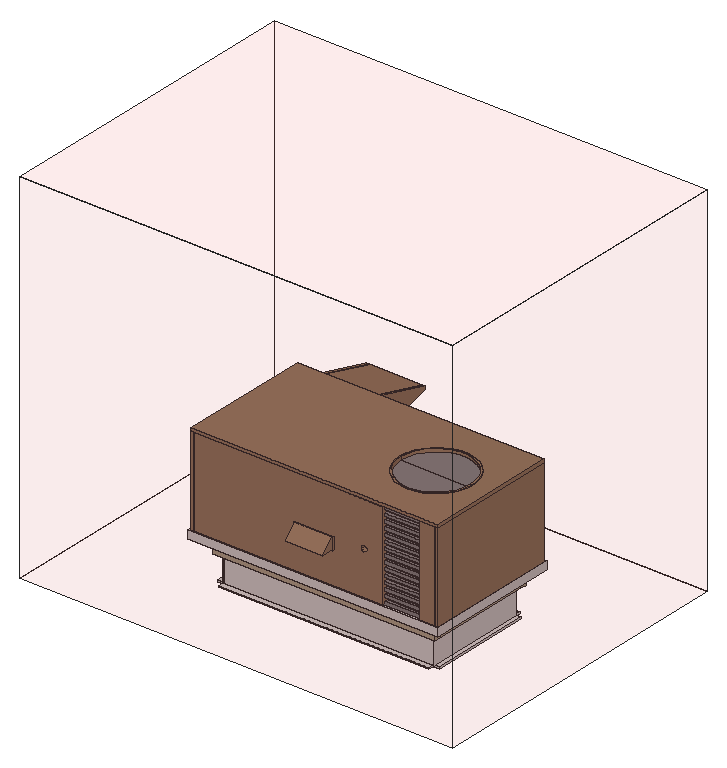
Revit family
Parameters (values of type "3 Ton - Electric Heat - 208V")
  Width = 44 7/8"
  Voltage = 0 V
  URL = "http://www.johnsoncontrols.com/publish/us/en.html"
  Supply Fan Full Load Current = 0 A
  Supply Air Connection Width [instance] = 18"
  Supply Air Connection Height [instance] = 12"
  Serial Number [instance] = ""
  Seasonal Energy Efficiency Rating = 13  # constant formula
  Return Air Dry Bulb Temperature [instance] = 75 °F
  Return Air Connection Width [instance] = 18"
  Return Air Connection Height [instance] = 12"
  Refrigerant Used = "R-410A"  # constant formula
  Refrigerant Charge = 13.00 lbf  # constant formula
  Product Page URL = "http://www.johnsoncontrols.com/publish/us/en/products/building_efficiency/integrated_hvac_systems/Industrial___Commercial_HVAC_Equipment/single-package_units/series_5.html"
  Power Factor = 1  # constant formula
  Power Exhaust Operating Weight = 50.00 lbf  # constant formula
  Outdoor Ambient Temperature [instance] = 75 °F
  Outdoor Air Wet Bulb Temperature [instance] = 75 °F
  Operating Weight = 575.00 lbf
  OD Fan Motor Full Load Current = 0 A
  Number of Poles = 1
  Nominal Cooling Capacity = 5.0 ton
  Nominal Air Flow = 1200 CFM
  Minimum Circuit Current = 0 A
  Minimum Applied Voltage = 0 V
  Maximum Overcurrent Protection = 0 A
  Maximum Applied Voltage = 0 V
  Hood Model [instance] = Commercial_Comfort_System-Single_Packaged_Unit-Johnson_Controls-Series_5-Economizer_Hood : Economizer Hood
  Heating Seasonal Performance Factor = 7.7  # constant formula
  Heating Nominal Input Power [instance] = 0 kW
  Frequency = 60 Hz  # constant formula
  Frame Finish = Paint - JCI - Powder - Champagne
  Filter Size and Quantity = "15x20-2, 14x25-1"  # constant formula
  Family Revision Date = "06/10/2010"  # constant formula
  External Static Pressure [instance] = 0 in-wg
  Evaporator Refrigerant Control = "TXV"  # constant formula
  Evaporator Coil Row Count = 4  # constant formula
  Evaporator Coil Fins per Inch = 13  # constant formula
  Energy Efficiency Rating = 11
  Electric Heat Wattage = 0 W
  Electric Heat Operating Weight = 28.00 lbf  # constant formula
  Electric Heat Model = ""
  Electric Heat Minimum Supply Air Flow [instance] = 0 CFM
  Electric Heat Current = 0 A
  Economizer Operating Weight = 50.00 lbf  # constant formula
  Direct Drive Motor Speed [instance] = ""
  Direct Drive Evaporator Fan Type = "Centrifugal"  # constant formula
  Direct Drive Evaporator Fan RPM = 1050  # constant formula
  Supply Air Connection Description = "Supply Air"  # constant formula
  Return Air Connection Description = "Return Air"  # constant formula
  Product Documentation Link = "http://www.johnsoncontrols.com/publish/etc/medialib/jci/be/commercial/products/industrial___commercial/single-package_units.Par.46166.File.dat/series%205%20JZJ-XP.pdf"
  Electrical Connection Description = "Equipment Power"  # constant formula
  OmniClass Title = "Packaged Air Conditioners"  # constant formula
  OmniClass Number = "23.75.10.24.21.27.11"  # constant formula
  Motorized Hood Visibility [instance] = no
  Model = "J04XP, Electric, Slab Mount"
  Manufacturer = "Johnson Controls, Inc."  # constant formula
  Length = 82 1/4"
  Keynote = "15700"
  Height = 32 5/8"
  Frame Material = Metal - JCI - Steel - Galvanized
  Economizer Hood Visibility [instance] = yes
  Design Supply Air Flow [instance] = 0 CFM
  Curb Width = 37 1/4"
  Curb Material = Metal - JCI - Galvanized Steel w Wood Nailer
  Curb Length = 73"
  Curb Height [instance] = 14"
  Curb Exists [instance] = yes
  Copyright © = "Copyright © 2001-2009 Johnson Controls"  # constant formula
  Convenience Outlet Voltage = 110 V  # constant formula
  Convenience Outlet Full Load Current = 0 A
  Convenience Outlet Electrical Connection Description = "Convenience Outlet Power"  # constant formula
  Convenience Outlet Visibility [instance] = yes
  Control Description [instance] = ""
  Control Connection Description = "Control Wiring"  # constant formula
  Condenser Fan Type = "Prop"  # constant formula
  Condenser Fan Horsepower = 0.7457 kW / 2  # 0.37285 kW
  Condenser Fan Drive Type = "Direct Drive"  # constant formula
  Condenser Coil Row Count = 2  # constant formula
  Condenser Coil Material = Metal - JCI - Aluminum Micro Channel
  Condenser Coil Fins per Inch = 18  # constant formula
  Condensate Drain Radius = Condensate Drain Connection Diameter / 2  # 3/8"
  Condensate Drain Connection Diameter = 3/4"
  Condensate Drain Connection Description = "Condensate Drain"  # constant formula
  Compressor Type = "Scroll"  # constant formula
  Compressor Running Load Current = 0 A
  Compressor Quantity = 1  # constant formula
  Compressor Maximum Continuous Current = 0 A
  Compressor Locked Rotor Current = 0 A
  Clearance Offset Top = 72"
  Clearance Offset Right = 24"
  Clearance Offset Left [instance] = if(Economizer Hood Visibility, 36", 24")  # 36"
  Clearance Offset Front = 24"
  Clearance Offset Bottom [instance] = if(Curb Exists, CTRL Curb Height, 0")  # 14"
  Clearance Offset Back [instance] = if(or(Motorized Hood Visibility, Economizer Hood Visibility), 36", 12")  # 36"
  Clearance [instance] = Included Clearance : Include Clearance
  CTRL Duct Offset [instance] = if(Curb Exists, 11 3/8", 10 5/8")  # 11 3/8"
  CTRL Duct Angle [instance] = if(Curb Exists, 90.00°, 0.00°)  # 90.00°
  CTRL Curb Height [instance] = if(Curb Exists, if(Curb Height < 9", 8", 14"), 0")  # 14"
  Description = "Air Handling Unit, Commercial Comfort Systems, Series 5, Electrical, 3 to 5 Ton Unit"  # constant formula
  Belt Drive RPM [instance] = 0
  Belt Drive Evaporator Fan Type = "Centrifugal"  # constant formula
  Belt Drive Evaporator Fan RPM = 1725  # constant formula
  Belt Drive Brake Horsepower [instance] = 0
  Assembly Code = "D3060300"
  Actual Supply Air Flow [instance] = 0 CFM
  Actual Return Air Flow [instance] = 0 CFM
  Actual Condensate Drain Flow [instance] = 0 GPM
Reference planes (in)
  plane 1 "Center (Front/Back)": y = 0
  plane 2 "Bottom": z = 14
  plane 3 "Center (Left/Right)": x = 0
  plane 4 "Back": y = 22.4375
  plane 5 "Front": y = -22.4375
  plane 6 "Left": x = -41.125
  plane 7 "Right": x = 41.125
  plane 8 "Top": z = 46.625
  plane 9 "Back Condenser Coil": x = 10.625
  plane 10 "Front Condenser Coil": x = 22.625
  plane 11 "Condenser Coil Front Offset": y = -21.4375
  plane 12 "Condenser Coil Back Offset": y = 21.4375
  plane 13 "Bottom Frame Top": z = 16.5
  plane 14 "Front Wall": y = -21.9375
  plane 15 "Bottom Hood Top": z = 31.0625
  plane 16 "Top Hood Bottom": z = 36.0625
  plane 17 "Back Wall": y = 21.9375
  plane 18 "Condensate Drain Elevation": z = 15.25
  plane 19 "Left Wall": x = -40.625
  plane 20 "Power Entry": y = -18.9375
  plane 21 "Power Entry Two": y = -12.1875
  plane 22 "Left Top Power": z = 22.25
  plane 23 "Left Control Entry": z = 18.375
  plane 24 "Side Ducts Middle": z = 24.375
  plane 25 "Top Ducts Height": z = 38.875
  plane 26 "Return Air Center": x = -24.5
  plane 27 "Damper Bottom": z = 33.125
  plane 28 "Back Offset": y = 24.4375
  plane 29 "Convenience Outlet": x = -42.125
  plane 30 "Right Offset": x = 43.125
  plane 31 "Front Offset": y = -24.4375
  plane 32 "Curb Bottom": z = 0
  plane 33 "Curb Center": y = 0.75
  plane 34 "Return Air Left": x = -33.25
  plane 35 "Return Air Right": x = -15.75
  plane 36 "Supply Air Left": x = -9.25
  plane 37 "Supply Air Right": x = 8.25
  plane 38 "Duct Top": z = 30.125
  plane 39 "Duct Bottom": z = 18.625
  plane 40 "Duct Back": y = 17.0625
  plane 41 "Duct Front": y = 5.5625
  plane 42 "Void Bottom": z = 13
  plane 43 "Supply Air Center": x = -0.5
  plane 44 "Bottom Ducts Center": y = 11.3125
Forms (in)
  Extrusion 1, solid, material "Paint - JCI - Powder - Champagne" <- "Frame Finish", visible <- "Curb Exists", detail levels medium+fine
    sketch origin (0, 0, 0) x (1, 0, 0) y (0, 0, 1)
      loop
        line (8.25, 30.125) -> (-9.25, 30.125) -> (-9.25, 18.625) -> (8.25, 18.625) -> (8.25, 30.125)
      loop
        line (-15.75, 30.125) -> (-33.25, 30.125) -> (-33.25, 18.625) -> (-15.75, 18.625) -> (-15.75, 30.125)
    from -21.9375 to -21.4375
  Revolve 2, void
    sketch origin (-0.5, 0, 0) x (0, -1, 0) y (0, 0, 1)
      loop
        line (-11.3125, 13) -> (-11.00783, 13) -> (-11.00783, 13.30467) -> (-11.3125, 13.30467) -> (-11.3125, 13)
      axis (-11.3125, 13.30467) -> (-11.3125, 13)
    angle from 0 to 360
  Revolve 3, void
    sketch origin (-24.5, 0, 0) x (0, -1, 0) y (0, 0, 1)
      loop
        line (-11.3125, 13) -> (-11.00783, 13) -> (-11.00783, 13.30467) -> (-11.3125, 13.30467) -> (-11.3125, 13)
      axis (-11.3125, 13.30467) -> (-11.3125, 13)
    angle from 0 to 360
Lines and regions (in)
  Masking region 1, detail levels coarse
    outline origin (0, 0, 0) x (1, 0, 0) y (0, 0, 1)
      loop
        line (-41.125, 46.625) -> (-41.125, 14) -> (41.125, 14) -> (41.125, 46.625) -> (-41.125, 46.625)
  Masking region 2, detail levels coarse
    outline origin (0, 0, 0) x (0, 1, 0) y (0, 0, 1)
      loop
        line (-22.4375, 46.625) -> (-22.4375, 14) -> (22.4375, 14) -> (22.4375, 46.625) -> (-22.4375, 46.625)
Dimensions and locks (in)
  equal spacing: plane 6 "Left", plane 3 "Center (Left/Right)", plane 7 "Right"
  "Length": plane 6 "Left" to plane 7 "Right"
  equal spacing: plane 4 "Back", plane 1 "Center (Front/Back)", plane 5 "Front"
  "Width": plane 4 "Back" to plane 5 "Front"
  "Height": plane 8 "Top" to plane 2 "Bottom"
  locked: plane 11 "Condenser Coil Front Offset" to plane 5 "Front" at 1
  locked: plane 13 "Bottom Frame Top" to plane 2 "Bottom" at 2.5
  locked: plane 9 "Back Condenser Coil" to plane 7 "Right" at 30.5
  locked: plane 9 "Back Condenser Coil" to plane 10 "Front Condenser Coil" at 12
  locked: plane 14 "Front Wall" to plane 5 "Front" at 0.5
  locked: plane 15 "Bottom Hood Top" to plane 13 "Bottom Frame Top" at 14.5625
  locked: plane 16 "Top Hood Bottom" to plane 15 "Bottom Hood Top" at 5
  locked: plane 18 "Condensate Drain Elevation" to plane 2 "Bottom" at 1.25
  locked: plane 2 "Bottom" to connector elem at 1.25
  locked: plane 6 "Left" to plane 19 "Left Wall" at 0.5
  locked: plane 20 "Power Entry" to plane 5 "Front" at 3.5
  locked: plane 21 "Power Entry Two" to plane 20 "Power Entry" at 6.75
  locked: plane 23 "Left Control Entry" to plane 2 "Bottom" at 4.375
  locked: plane 22 "Left Top Power" to plane 2 "Bottom" at 8.25
  locked: connector elem to plane 5 "Front" at 3.5  (x2)
  locked: plane 2 "Bottom" to connector elem at 4.375  (x2)
  locked: plane 2 "Bottom" to connector elem at 8.25
  locked: plane 2 "Bottom" to plane 24 "Side Ducts Middle" at 10.375
  locked: plane 2 "Bottom" to plane 25 "Top Ducts Height" at 24.875
  locked: plane 6 "Left" to plane 26 "Return Air Center" at 16.625
  locked: plane 28 "Back Offset" to plane 4 "Back" at 2
  locked: plane 7 "Right" to plane 30 "Right Offset" at 2
  locked: plane 5 "Front" to plane 31 "Front Offset" at 2
  locked: connector elem to plane 31 "Front Offset" at 12.25
  locked: plane 4 "Back" to plane 17 "Back Wall" at 0.5
  locked: plane 17 "Back Wall" to plane 12 "Condenser Coil Back Offset" at 0.5
  locked: connector elem to plane 1 "Center (Front/Back)"
  locked: plane 2 "Bottom" to plane 27 "Damper Bottom" at 19.125
  locked: plane 29 "Convenience Outlet" to plane 6 "Left" at 1
  "CTRL Curb Height": plane 32 "Curb Bottom" to plane 2 "Bottom"
  locked: plane 33 "Curb Center" to plane 1 "Center (Front/Back)" at 0.75
  locked: plane 26 "Return Air Center" to plane 35 "Return Air Right" at 8.75
  locked: plane 34 "Return Air Left" to plane 26 "Return Air Center" at 8.75
  locked: plane 35 "Return Air Right" to plane 36 "Supply Air Left" at 6.5
  locked: plane 36 "Supply Air Left" to plane 37 "Supply Air Right" at 17.5
  locked: plane 39 "Duct Bottom" to plane 24 "Side Ducts Middle" at 5.75
  locked: plane 24 "Side Ducts Middle" to plane 38 "Duct Top" at 5.75
  locked: plane 4 "Back" to plane 40 "Duct Back" at 5.375
  locked: plane 40 "Duct Back" to plane 41 "Duct Front" at 11.5
  locked: plane 2 "Bottom" to plane 42 "Void Bottom" at 1
  equal spacing: plane 40 "Duct Back", plane 44 "Bottom Ducts Center", plane 41 "Duct Front"
  locked: plane 36 "Supply Air Left" to plane 43 "Supply Air Center" at 8.75
  "CTRL Duct Offset": Revolve 2 sketch curve to Revolve 2 sketch curve
  locked: Revolve 2 sketch curve to Revolve 2 sketch curve at 0.30467  (x2)
  "CTRL Duct Offset": Revolve 3 sketch curve to Revolve 3 sketch curve
  locked: Revolve 3 sketch curve to Revolve 3 sketch curve at 0.30467  (x2)
  "CTRL Duct Angle": angle plane 24 "Side Ducts Middle" to Revolve 2 sketch curve
  locked: Revolve 2 sketch curve to Revolve 2 sketch curve (angle 90.00°)  (x3)
  "CTRL Duct Angle": angle plane 24 "Side Ducts Middle" to Revolve 3 sketch curve
  locked: Revolve 3 sketch curve to Revolve 3 sketch curve (angle 90.00°)  (x3)
  aligned and locked: plane 11 "Condenser Coil Front Offset" to nested 3
  aligned and locked: nested 2 to plane 12 "Condenser Coil Back Offset"
  aligned and locked: plane 10 "Front Condenser Coil" to nested 3
  aligned and locked: nested 2 to plane 9 "Back Condenser Coil"
  aligned and locked: plane 13 "Bottom Frame Top" to nested 3
  aligned and locked: plane 13 "Bottom Frame Top" to nested 2
  aligned and locked: nested 4 to plane 10 "Front Condenser Coil"
  aligned and locked: plane 1 "Center (Front/Back)" to nested 4
  aligned and locked: plane 8 "Top" to nested 4
  aligned and locked: plane 21 "Power Entry Two" to nested 5
  aligned and locked: plane 13 "Bottom Frame Top" to nested 5
  aligned and locked: plane 19 "Left Wall" to nested 5
  aligned and locked: plane 8 "Top" to nested 1
  aligned and locked: plane 1 "Center (Front/Back)" to nested 1
  aligned and locked: plane 3 "Center (Left/Right)" to nested 1
  aligned and locked: Masking region 1 sketch curve to plane 6 "Left"
  aligned and locked: plane 7 "Right" to Masking region 1 sketch curve
  aligned and locked: Masking region 1 sketch curve to plane 8 "Top"
  aligned and locked: plane 2 "Bottom" to Masking region 1 sketch curve
  aligned and locked: plane 5 "Front" to Masking region 2 sketch curve
  aligned and locked: Masking region 2 sketch curve to plane 4 "Back"
  aligned and locked: Masking region 2 sketch curve to plane 8 "Top"
  aligned and locked: plane 2 "Bottom" to Masking region 2 sketch curve
  aligned and locked: nested 6 to plane 1 "Center (Front/Back)"
  aligned and locked: plane 3 "Center (Left/Right)" to nested 6
  aligned and locked: plane 2 "Bottom" to nested 6
  aligned and locked: plane 3 "Center (Left/Right)" to nested 7
  aligned and locked: plane 15 "Bottom Hood Top" to nested 7
  aligned and locked: plane 14 "Front Wall" to nested 7
  aligned and locked: plane 17 "Back Wall" to nested 8
  aligned and locked: plane 27 "Damper Bottom" to nested 8
  aligned and locked: nested 8 to plane 26 "Return Air Center"
  aligned and locked: level to plane 32 "Curb Bottom"
  aligned and locked: plane 32 "Curb Bottom" to nested 9
  aligned and locked: plane 3 "Center (Left/Right)" to nested 9
  aligned and locked: nested 9 to plane 33 "Curb Center"
  aligned and locked: plane 37 "Supply Air Right" to Extrusion 1 sketch curve
  aligned and locked: Extrusion 1 sketch curve to plane 36 "Supply Air Left"
  aligned and locked: plane 35 "Return Air Right" to Extrusion 1 sketch curve
  aligned and locked: Extrusion 1 sketch curve to plane 34 "Return Air Left"
  aligned and locked: Extrusion 1 sketch curve to plane 38 "Duct Top"  (x2)
  aligned and locked: plane 39 "Duct Bottom" to Extrusion 1 sketch curve  (x2)
  aligned and locked: Extrusion 1 to plane 12 "Condenser Coil Back Offset"
  aligned and locked: plane 17 "Back Wall" to Extrusion 1
  aligned and locked: plane 24 "Side Ducts Middle" to Revolve 2 sketch curve
  aligned and locked: plane 44 "Bottom Ducts Center" to Revolve 2 sketch curve
  aligned and locked: Revolve 2 sketch curve to Revolve 2 sketch curve  (x2)
  aligned and locked: plane 24 "Side Ducts Middle" to Revolve 3 sketch curve
  aligned and locked: plane 44 "Bottom Ducts Center" to Revolve 3 sketch curve
  aligned and locked: Revolve 3 sketch curve to Revolve 3 sketch curve  (x2)
Nested families (in)
  nested 1: "Commercial_Comfort_System-Single_Packaged_Unit-Johnson_Controls-Series_5-Electric_Unit" at (-1, -5.15624, 14), type "Framing"
  nested 2: "Commercial_Comfort_System-Single_Packaged_Unit-Johnson_Controls-Series_5-Condenser_Coils" at (18.625, 14.25314, 16.5) x (-1, 0, 0) z (0, 0, 1), type "24 Inch Width"
  nested 3: "Commercial_Comfort_System-Single_Packaged_Unit-Johnson_Controls-Series_5-Condenser_Coils" at (32.625, -14.25314, 16.5), type "12 Inch Width"
  nested 4: "Commercial_Comfort_System-Single_Packaged_Unit-Johnson_Controls-Series_5-Condenser_Fans" at (24.625, 2.5, 40.625), type "Fan"
  nested 5: "Commercial_Comfort_System-Single_Packaged_Unit-Johnson_Controls-Series_5-Convenience_Outlet" at (-40.875, -12.1875, 16.5) x (0, 1, 0) z (0, 0, 1), visible <- "Convenience Outlet Visibility", type "Outlet"
  nested 6: "Included Clearance" at (0, 0, 14), type <- "Clearance", type "Include Clearance"
    with Width 82 1/4", Height 32 5/8", Depth 44 7/8", Clearance Top 72", Clearance Right 24", Clearance Left 36", Clearance Front 24", Clearance Bottom 14", Clearance Back 36"
  nested 7: "Commercial_Comfort_System-Single_Packaged_Unit-Johnson_Controls-Series_5-Hoods" at (0, -23.9375, 27.0625), type "12 Inch Hood"
  nested 8: "Commercial_Comfort_System-Single_Packaged_Unit-Johnson_Controls-Series_5-Economizer_Hood" at (-21, 32.9375, 33.125), type <- "Hood Model", type "Economizer Hood"
  nested 9: "Commercial_Comfort_System-Single_Packaged_Unit-Johnson_Controls-Series_20-Curb" at (0, 0.75, 0), visible <- "Curb Exists", type "Commercial_Comfort_System-Single_Packaged_Unit-Johnson_Controls-Series_20-Curb"
Connectors (in)
  piping at (-41.125, 0, 15.25), driven by "Condensate Drain Radius", driven by "Condensate Drain Connection Description", driven by "Actual Condensate Drain Flow"
    settings: index 1
  electrical at (-40.625, -18.9375, 18.375), driven by "Control Connection Description"
    settings: index 2
  electrical at (-40.625, -18.9375, 22.25), driven by "Number of Poles", driven by "Electrical Connection Description", driven by "Voltage", driven by "Power Factor"
    settings: index 3
  electrical at (-42.125, -12.1875, 18.375), driven by "Power Factor", driven by "Convenience Outlet Voltage", driven by "Number of Poles", driven by "Convenience Outlet Electrical Connection Description"
    settings: index 8
  hvac at (-0.5, 11.3125, 13), driven by "Actual Supply Air Flow", driven by "Supply Air Connection Description"
    settings: on Revolve 2, index 9
  hvac at (-24.5, 11.3125, 13), driven by "Actual Return Air Flow", driven by "Return Air Connection Description"
    settings: on Revolve 3, index 10
Definition of nested family "Commercial_Comfort_System-Single_Packaged_Unit-Johnson_Controls-Series_5-Electric_Unit"
  Parameters (values of type "Framing")
    Width = 82 1/4"
    Scroll Compressor Access Radius = 1"
    Power Wiring Radius = 1"
    Powder Paint Finish = Paint - JCI - Powder - Champagne
    Model = "Series 5 Electric Unit"  # constant formula
    Manufacturer = "Johnson Controls"  # constant formula
    Height = 32 5/8"
    Framing Material = Metal - JCI - Steel - Galvanized
    Fan Radius = 12"
    Depth = 44 7/8"
    Control Wiring Radius = 7/16"
    Condensate Drain Radius = 3/8"
    Base Height = 2 1/2"
  Reference planes (in)
    plane 1 "Center (Front/Back)": y = 5.15624
    plane 2 "Bottom": z = 0
    plane 3 "Center (Left/Right)": x = 1
    plane 4 "Left": x = -40.125
    plane 5 "Right": x = 42.125
    plane 6 "Back": y = 27.59374
    plane 7 "Front": y = -17.28126
    plane 8 "Base Top": z = 2.5
    plane 9 "Return Left": x = -32.25
    plane 10 "Return Right": x = -14.75
    plane 11 "Supply Left": x = -8.25
    plane 12 "Supply Right": x = 9.25
    plane 13 "Vents Back": y = 22.21874
    plane 14 "Vents Front": y = 10.71874
    plane 15 "Power and Control Wiring": x = -31.75
    plane 16 "Gas Supply Entry": x = -7.875
    plane 17 "Gas Entry Back": y = -10.78126
    plane 18 "Control Wiring Back": y = -9.15626
    plane 19 "Power Wiring Back": y = -2.40626
    plane 20 "Condensate Drain Elevation": z = 1.25
    plane 21 "Top": z = 32.625
    plane 22 "Left Offset": x = -39.625
    plane 23 "Front Offset": y = -16.78126
    plane 24 "Right Offset": x = 41.625
    plane 25 "Back Offset": y = 27.09374
    plane 26 "Left Wall": x = -38.625
    plane 27 "Right Wall": x = 40.625
    plane 28 "Top Thickness": z = 31.625
    plane 29 "Gas Supply Entry One": z = 7
    plane 30 "Gas Supply Entry Two": z = 11.375
    plane 31 "Front Wall": y = -14.78126
    plane 32 "Back Wall": y = 25.09374
    plane 33 "Fan Offset Right": x = 35.625
    plane 34 "Fan Offset Left": x = 11.625
    plane 35 "Fan Middle": x = 23.625
    plane 36 "Vertical Face Middle": z = 17.0625
    plane 37 "Scroll Compressor Access": x = 17.625
    plane 38 "Vertical Power Wiring Entry": y = -13.78126
    plane 39 "Vertical Control Wiring Entry": y = -7.03126
    plane 40 "Vertical Wiring Entry One": z = 4.375
    plane 41 "Vertical Wiring Entry Two": z = 8.25
    plane 42 "Rear Vents Left Edge": x = -32.25
    plane 43 "Left Rear Vents Right Edge": x = -14.75
    plane 44 "Right Rear Vent Left Edge": x = -8.25
    plane 45 "Right Rear Vent Right Edge": x = 9.25
    plane 46 "Bottom Rear Vents Bottom": z = 4.625
    plane 47 "Bottom Rear Vents Top": z = 16.125
    plane 48 "Top Rear Vent Bottom": z = 19.125
    plane 49 "Top Rear Vent Top": z = 30.625
  Forms (in)
    Extrusion 1, solid, material "Metal - JCI - Steel - Galvanized" <- "Framing Material", detail levels medium+fine
      sketch origin (0, 0, 0) x (1, 0, 0) y (0, 1, 0)
        loop
          line (-40.125, 27.59374) -> (-40.125, -17.28126) -> (42.125, -17.28126) -> (42.125, 27.59374) -> (-40.125, 27.59374)
        loop
          line (-32.25, 22.21874) -> (-32.25, 10.71874) -> (-14.75, 10.71874) -> (-14.75, 22.21874) -> (-32.25, 22.21874)
        loop
          line (-8.25, 22.21874) -> (-8.25, 10.71874) -> (9.25, 10.71874) -> (9.25, 22.21874) -> (-8.25, 22.21874)
        loop
          circle (-31.75, -9.15626) r 0.4375
        loop
          circle (-31.75, -2.40626) r 1
      from 0 to 2.5
    Extrusion 2, void
      sketch origin (1, 0, 0) x (0, 1, 0) y (0, 0, 1)
        loop
          circle (5.15624, 1.25) r 0.375
      from -41.125 to -33.25
    Extrusion 3, solid, material "Metal - JCI - Steel - Galvanized" <- "Framing Material", detail levels medium+fine
      sketch origin (0, 0, 0) x (1, 0, 0) y (0, 1, 0)
        loop
          line (40.625, 27.09374) -> (40.625, -16.78126) -> (41.625, -16.78126) -> (41.625, 27.09374) -> (40.625, 27.09374)
      from 2.5 to 31.625
    Extrusion 4, solid, material "Metal - JCI - Steel - Galvanized" <- "Framing Material", detail levels medium+fine
      sketch origin (1, 0, 0) x (0, 1, 0) y (0, 0, 1)
        loop
          line (27.09374, 31.625) -> (-16.78126, 31.625) -> (-16.78126, 2.5) -> (27.09374, 2.5) -> (27.09374, 31.625)
        loop
          circle (-13.78126, 8.25) r 1
        loop
          circle (-7.03126, 4.375) r 1
        loop
          circle (-13.78126, 4.375) r 0.4375
      from -40.625 to -39.625
    Extrusion 5, solid, material "Metal - JCI - Steel - Galvanized", detail levels medium+fine
      sketch origin (0, 5.15624, 0) x (1, 0, 0) y (0, 0, 1)
        loop
          line (-38.625, 31.625) -> (-38.625, 2.5) -> (23.625, 2.5) -> (23.625, 31.625) -> (-38.625, 31.625)
        loop
          line (35.625, 31.625) -> (35.625, 2.5) -> (40.625, 2.5) -> (40.625, 31.625) -> (35.625, 31.625)
        loop
          circle (17.625, 17.0625) r 1
      from 19.9375 to 21.9375
    Extrusion 6, solid, material "Metal - JCI - Steel - Galvanized" <- "Framing Material", detail levels medium+fine
      sketch origin (0, 5.15624, 0) x (1, 0, 0) y (0, 0, 1)
        loop
          line (40.625, 31.625) -> (35.625, 31.625) -> (35.625, 2.5) -> (40.625, 2.5) -> (40.625, 31.625)
        loop
          line (11.625, 31.625) -> (-38.625, 31.625) -> (-38.625, 2.5) -> (11.625, 2.5) -> (11.625, 31.625)
        loop
          line (-14.75, 30.625) -> (-32.25, 30.625) -> (-32.25, 19.125) -> (-14.75, 19.125) -> (-14.75, 30.625)
        loop
          line (-14.75, 16.125) -> (-32.25, 16.125) -> (-32.25, 4.625) -> (-14.75, 4.625) -> (-14.75, 16.125)
        loop
          line (9.25, 16.125) -> (-8.25, 16.125) -> (-8.25, 4.625) -> (9.25, 4.625) -> (9.25, 16.125)
      from -21.9375 to -19.9375
    Extrusion 7, solid, material "Metal - JCI - Steel - Galvanized" <- "Framing Material", detail levels medium+fine
      sketch origin (0, 0, 0) x (1, 0, 0) y (0, 1, 0)
        loop
          line (-39.625, 27.09374) -> (-39.625, -16.78126) -> (41.625, -16.78126) -> (41.625, 27.09374) -> (-39.625, 27.09374)
        loop
          circle (23.625, 5.15624) r 12
      from 31.625 to 32.625
  Cuts and joins
    Extrusion 2 cuts Extrusion 1
  Lines and regions (in)
    Masking region 1
      outline origin (0, 5.15624, 0) x (1, 0, 0) y (0, 0, 1)
        loop
          line (-40.125, 0) -> (42.125, 0) -> (42.125, 2.5) -> (-40.125, 2.5) -> (-40.125, 0)
    Masking region 2
      outline origin (0, -14.78126, 0) x (-1, 0, 0) y (0, 0, 1)
        loop
          line (39.625, 32.625) -> (-37.97854, 32.625) -> (-41.625, 32.625) -> (-41.625, 2.5) -> (-35.625, 2.5) -> (-35.625, 31.625) -> (-23.625, 31.625) -> (-23.625, 2.5) -> (39.625, 2.5) -> (39.625, 32.625)
    Masking region 3
      outline origin (0, 25.09374, 0) x (-1, 0, 0) y (0, 0, 1)
        loop
          line (-41.625, 32.625) -> (-41.625, 2.5) -> (-35.625, 2.5) -> (-35.625, 31.625) -> (-11.625, 31.625) -> (-11.625, 2.5) -> (39.625, 2.5) -> (39.625, 32.625) -> (-41.625, 32.625)
        loop
          line (14.75, 30.625) -> (14.75, 19.125) -> (32.25, 19.125) -> (32.25, 30.625) -> (14.75, 30.625)
        loop
          line (14.75, 16.125) -> (14.75, 4.625) -> (32.25, 4.625) -> (32.25, 16.125) -> (14.75, 16.125)
        loop
          line (-9.25, 16.125) -> (-9.25, 4.625) -> (8.25, 4.625) -> (8.25, 16.125) -> (-9.25, 16.125)
    Masking region 4
      outline origin (1, 0, 0) x (0, 1, 0) y (0, 0, 1)
        loop
          line (27.59374, 2.5) -> (-17.28126, 2.5) -> (-17.28126, 0) -> (27.59374, 0) -> (27.59374, 2.5)
    Masking region 5
      outline origin (1, 0, 0) x (0, 1, 0) y (0, 0, 1)
        loop
          line (27.09374, 32.625) -> (-16.78126, 32.625) -> (-16.78126, 2.5) -> (27.09374, 2.5) -> (27.09374, 32.625)
    Masking region 6
      outline origin (0, 0, 2.5) x (-1, 0, 0) y (0, -1, 0)
        loop
          line (39.625, -27.09374) -> (39.625, 16.78126) -> (-41.625, 16.78126) -> (-41.625, -27.09374) -> (39.625, -27.09374)
    Masking region 7, detail levels medium+fine
      outline origin (0, 0, 2.5) x (-1, 0, 0) y (0, -1, 0)
        loop
          line (40.125, -27.59374) -> (40.125, 17.28126) -> (-42.125, 17.28126) -> (-42.125, -27.59374) -> (40.125, -27.59374)
    symbolic lines, style "Framing Fine"
      curve 1: circle (17.625, -14.78126, 17.0625) r 1 normal (0, 1, 0)
      curve 2: circle (-40.125, -7.03126, 4.375) r 1 normal (-1, 0, 0)
      curve 3: circle (-40.125, -13.78126, 4.375) r 0.4375 normal (-1, 0, 0)
      curve 4: circle (-40.125, -13.78126, 8.25) r 1 normal (-1, 0, 0)
      curve 5: circle (-40.125, 5.15624, 1.25) r 0.375 normal (-1, 0, 0)
    model lines, style "Framing Coarse", detail levels coarse+medium
      curve 6: line (-40.125, 27.59374, 0) -> (42.125, 27.59374, 0)
      curve 7: line (-40.125, -17.28126, 0) -> (-40.125, 27.59374, 0)
      curve 8: line (42.125, -17.28126, 0) -> (-40.125, -17.28126, 0)
      curve 9: line (42.125, 27.59374, 0) -> (42.125, -17.28126, 0)
      curve 10: line (-40.125, 27.59374, 2.5) -> (42.125, 27.59374, 2.5)
      curve 11: line (-40.125, -17.28126, 2.5) -> (-40.125, 27.59374, 2.5)
      curve 12: line (42.125, -17.28126, 2.5) -> (-40.125, -17.28126, 2.5)
      curve 13: line (42.125, 27.59374, 2.5) -> (42.125, -17.28126, 2.5)
      curve 14: line (-39.625, 27.09374, 32.625) -> (41.625, 27.09374, 32.625)
      curve 15: line (-39.625, -16.78126, 32.625) -> (-39.625, 27.09374, 32.625)
      curve 16: line (41.625, -16.78126, 32.625) -> (-39.625, -16.78126, 32.625)
      curve 17: line (41.625, 27.09374, 32.625) -> (41.625, -16.78126, 32.625)
      curve 18: line (-39.625, 27.09374, 2.5) -> (41.625, 27.09374, 2.5)
      curve 19: line (-39.625, -16.78126, 2.5) -> (-39.625, 27.09374, 2.5)
      curve 20: line (41.625, -16.78126, 2.5) -> (-39.625, -16.78126, 2.5)
      curve 21: line (41.625, 27.09374, 2.5) -> (41.625, -16.78126, 2.5)
      curve 22: line (-40.125, -17.28126, 0) -> (-40.125, -17.28126, 2.5)
      curve 23: line (42.125, -17.28126, 0) -> (42.125, -17.28126, 2.5)
      curve 24: line (-40.125, 27.59374, 0) -> (-40.125, 27.59374, 2.5)
      curve 25: line (42.125, 27.59374, 0) -> (42.125, 27.59374, 2.5)
      curve 26: line (-39.625, 27.09374, 2.5) -> (-39.625, 27.09374, 32.625)
      curve 27: line (41.625, 27.09374, 2.5) -> (41.625, 27.09374, 32.625)
      curve 28: line (-39.625, -16.78126, 2.5) -> (-39.625, -16.78126, 32.625)
      curve 29: line (41.625, -16.78126, 2.5) -> (41.625, -16.78126, 32.625)
    model lines, style "Framing Medium", detail levels coarse+medium
      curve 30: line (-32.25, 27.09374, 30.625) -> (-14.75, 27.09374, 30.625)
      curve 31: line (-32.25, 27.09374, 19.125) -> (-32.25, 27.09374, 30.625)
      curve 32: line (-14.75, 27.09374, 19.125) -> (-32.25, 27.09374, 19.125)
      curve 33: line (-14.75, 27.09374, 30.625) -> (-14.75, 27.09374, 19.125)
      curve 34: line (-32.25, 27.09374, 16.125) -> (-14.75, 27.09374, 16.125)
      curve 35: line (-32.25, 27.09374, 4.625) -> (-32.25, 27.09374, 16.125)
      curve 36: line (-14.75, 27.09374, 4.625) -> (-32.25, 27.09374, 4.625)
      curve 37: line (-14.75, 27.09374, 16.125) -> (-14.75, 27.09374, 4.625)
      curve 38: line (-8.25, 27.09374, 16.125) -> (9.25, 27.09374, 16.125)
      curve 39: line (-8.25, 27.09374, 4.625) -> (-8.25, 27.09374, 16.125)
      curve 40: line (9.25, 27.09374, 4.625) -> (-8.25, 27.09374, 4.625)
      curve 41: line (9.25, 27.09374, 16.125) -> (9.25, 27.09374, 4.625)
    model lines, style "Framing Fine", detail levels coarse+medium
      curve 42: circle (-40.125, 5.15624, 1.25) r 0.375 normal (-1, 0, 0)
      curve 43: circle (-39.625, -7.03126, 4.375) r 1 normal (-1, 0, 0)
      curve 44: circle (-39.625, -13.78126, 4.375) r 0.4375 normal (-1, 0, 0)
      curve 45: circle (-39.625, -13.78126, 8.25) r 1 normal (-1, 0, 0)
      curve 46: circle (17.625, -16.78126, 17.0625) r 1 normal (0, 1, 0)
  Dimensions and locks (in)
    equal spacing: plane 6 "Back", plane 1 "Center (Front/Back)", plane 7 "Front"
    "Depth": plane 6 "Back" to plane 7 "Front"
    equal spacing: plane 4 "Left", plane 3 "Center (Left/Right)", plane 5 "Right"
    "Width": plane 4 "Left" to plane 5 "Right"
    "Base Height": plane 8 "Base Top" to plane 2 "Bottom"
    locked: plane 6 "Back" to plane 13 "Vents Back" at 5.375
    locked: plane 13 "Vents Back" to plane 14 "Vents Front" at 11.5
    plane 4 "Left" to plane 9 "Return Left" = 7 7/8"
    locked: plane 9 "Return Left" to plane 10 "Return Right" at 17.5
    locked: plane 10 "Return Right" to plane 11 "Supply Left" at 6.5
    locked: plane 11 "Supply Left" to plane 12 "Supply Right" at 17.5
    locked: plane 4 "Left" to plane 15 "Power and Control Wiring" at 8.375
    locked: plane 4 "Left" to plane 16 "Gas Supply Entry" at 32.25
    locked: plane 17 "Gas Entry Back" to plane 7 "Front" at 6.5
    locked: plane 18 "Control Wiring Back" to plane 7 "Front" at 8.125
    locked: plane 19 "Power Wiring Back" to plane 18 "Control Wiring Back" at 6.75
    locked: plane 19 "Power Wiring Back" to Extrusion 1 sketch curve at 1
    locked: plane 15 "Power and Control Wiring" to Extrusion 1 sketch curve at 1
    locked: plane 15 "Power and Control Wiring" to Extrusion 1 sketch curve at 0.4375
    locked: plane 18 "Control Wiring Back" to Extrusion 1 sketch curve at 0.4375
    equal spacing: plane 8 "Base Top", plane 20 "Condensate Drain Elevation", plane 2 "Bottom"
    locked: plane 20 "Condensate Drain Elevation" to Extrusion 2 sketch curve at 0.375
    locked: plane 1 "Center (Front/Back)" to Extrusion 2 sketch curve at 0.375
    "Height": plane 21 "Top" to plane 2 "Bottom"
    locked: plane 4 "Left" to plane 22 "Left Offset" at 0.5
    locked: plane 22 "Left Offset" to plane 26 "Left Wall" at 1
    locked: plane 24 "Right Offset" to plane 5 "Right" at 0.5
    locked: plane 27 "Right Wall" to plane 24 "Right Offset" at 1
    locked: plane 29 "Gas Supply Entry One" to plane 2 "Bottom" at 7
    locked: plane 30 "Gas Supply Entry Two" to plane 29 "Gas Supply Entry One" at 4.375
    locked: plane 23 "Front Offset" to plane 7 "Front" at 0.5
    locked: plane 31 "Front Wall" to plane 23 "Front Offset" at 2
    locked: plane 6 "Back" to plane 25 "Back Offset" at 0.5
    locked: plane 25 "Back Offset" to plane 32 "Back Wall" at 2
    locked: plane 33 "Fan Offset Right" to plane 24 "Right Offset" at 6
    locked: plane 34 "Fan Offset Left" to plane 33 "Fan Offset Right" at 24
    locked: plane 35 "Fan Middle" to plane 33 "Fan Offset Right" at 12
    locked: plane 28 "Top Thickness" to plane 36 "Vertical Face Middle" at 14.5625
    equal spacing: plane 34 "Fan Offset Left", plane 37 "Scroll Compressor Access", plane 35 "Fan Middle"
    locked: plane 36 "Vertical Face Middle" to Extrusion 5 sketch curve at 1
    locked: plane 37 "Scroll Compressor Access" to Extrusion 5 sketch curve at 1
    locked: plane 38 "Vertical Power Wiring Entry" to plane 7 "Front" at 3.5
    locked: plane 39 "Vertical Control Wiring Entry" to plane 7 "Front" at 10.25
    locked: plane 40 "Vertical Wiring Entry One" to plane 2 "Bottom" at 4.375
    locked: plane 41 "Vertical Wiring Entry Two" to plane 2 "Bottom" at 8.25
    locked: Extrusion 4 sketch curve to plane 38 "Vertical Power Wiring Entry" at 1
    locked: plane 41 "Vertical Wiring Entry Two" to Extrusion 4 sketch curve at 1
    locked: plane 4 "Left" to plane 42 "Rear Vents Left Edge" at 7.875
    locked: plane 42 "Rear Vents Left Edge" to plane 43 "Left Rear Vents Right Edge" at 17.5
    locked: plane 43 "Left Rear Vents Right Edge" to plane 44 "Right Rear Vent Left Edge" at 6.5
    locked: plane 44 "Right Rear Vent Left Edge" to plane 45 "Right Rear Vent Right Edge" at 17.5
    locked: plane 2 "Bottom" to plane 46 "Bottom Rear Vents Bottom" at 4.625
    locked: plane 46 "Bottom Rear Vents Bottom" to plane 47 "Bottom Rear Vents Top" at 11.5
    locked: plane 47 "Bottom Rear Vents Top" to plane 48 "Top Rear Vent Bottom" at 3
    locked: plane 48 "Top Rear Vent Bottom" to plane 49 "Top Rear Vent Top" at 11.5
    locked: Extrusion 7 sketch curve to plane 1 "Center (Front/Back)" at 12
    locked: plane 35 "Fan Middle" to Extrusion 7 sketch curve at 12
    locked: plane 36 "Vertical Face Middle" to curve 1 at 1
    locked: plane 37 "Scroll Compressor Access" to curve 1 at 1
    locked: plane 41 "Vertical Wiring Entry Two" to curve 4 at 1
    locked: plane 38 "Vertical Power Wiring Entry" to curve 4 at 1
    locked: plane 1 "Center (Front/Back)" to curve 5 at 0.375
    locked: plane 20 "Condensate Drain Elevation" to curve 5 at 0.375
    locked: plane 1 "Center (Front/Back)" to curve 42 at 0.375
    locked: plane 20 "Condensate Drain Elevation" to curve 42 at 0.375
    locked: plane 38 "Vertical Power Wiring Entry" to curve 45 at 1
    locked: plane 41 "Vertical Wiring Entry Two" to curve 45 at 1
    locked: curve 46 to plane 37 "Scroll Compressor Access" at 1
    locked: plane 36 "Vertical Face Middle" to curve 46 at 1
    locked: plane 40 "Vertical Wiring Entry One" to Extrusion 4 sketch curve at 1
    locked: plane 39 "Vertical Control Wiring Entry" to Extrusion 4 sketch curve at 1
    locked: plane 40 "Vertical Wiring Entry One" to Extrusion 4 sketch curve at 0.4375
    locked: plane 38 "Vertical Power Wiring Entry" to Extrusion 4 sketch curve at 0.4375
    locked: plane 39 "Vertical Control Wiring Entry" to curve 2 at 1
    locked: plane 39 "Vertical Control Wiring Entry" to curve 43 at 1
    locked: plane 40 "Vertical Wiring Entry One" to curve 2 at 1
    locked: plane 40 "Vertical Wiring Entry One" to curve 43 at 1
    locked: plane 38 "Vertical Power Wiring Entry" to curve 3 at 0.4375
    locked: plane 38 "Vertical Power Wiring Entry" to curve 44 at 0.4375
    locked: plane 40 "Vertical Wiring Entry One" to curve 3 at 0.4375
    locked: plane 40 "Vertical Wiring Entry One" to curve 44 at 0.4375
    "Power Wiring Radius": radius of Extrusion 1 sketch curve
    "Control Wiring Radius": radius of Extrusion 1 sketch curve
    "Condensate Drain Radius": radius of Extrusion 2 sketch curve
    "Scroll Compressor Access Radius": radius of Extrusion 5 sketch curve
    "Power Wiring Radius": radius of Extrusion 4 sketch curve  (x2)
    "Fan Radius": radius of Extrusion 7 sketch curve
    "Scroll Compressor Access Radius": radius of curve 1
    "Power Wiring Radius": radius of curve 4
    "Condensate Drain Radius": radius of curve 5
    "Condensate Drain Radius": radius of curve 42
    "Power Wiring Radius": radius of curve 45
    "Scroll Compressor Access Radius": radius of curve 46
    "Control Wiring Radius": radius of Extrusion 4 sketch curve
    "Power Wiring Radius": radius of curve 2
    "Power Wiring Radius": radius of curve 43
    "Control Wiring Radius": radius of curve 3
    "Control Wiring Radius": radius of curve 44
    aligned and locked: level to plane 2 "Bottom"
    aligned and locked: plane 5 "Right" to Extrusion 1 sketch curve
    aligned and locked: Extrusion 1 sketch curve to plane 6 "Back"
    aligned and locked: Extrusion 1 sketch curve to plane 4 "Left"
    aligned and locked: plane 7 "Front" to Extrusion 1 sketch curve
    aligned and locked: Extrusion 1 sketch curve to plane 13 "Vents Back"  (x2)
    aligned and locked: plane 14 "Vents Front" to Extrusion 1 sketch curve  (x2)
    aligned and locked: plane 12 "Supply Right" to Extrusion 1 sketch curve
    aligned and locked: Extrusion 1 sketch curve to plane 11 "Supply Left"
    aligned and locked: plane 10 "Return Right" to Extrusion 1 sketch curve
    aligned and locked: Extrusion 1 sketch curve to plane 9 "Return Left"
    aligned and locked: Extrusion 1 to plane 2 "Bottom"
    aligned and locked: plane 8 "Base Top" to Extrusion 1
    aligned and locked: plane 4 "Left" to Extrusion 2
    aligned and locked: Extrusion 2 to plane 9 "Return Left"
    aligned and locked: Extrusion 3 sketch curve to plane 25 "Back Offset"
    aligned and locked: plane 23 "Front Offset" to Extrusion 3 sketch curve
    aligned and locked: plane 24 "Right Offset" to Extrusion 3 sketch curve
    aligned and locked: Extrusion 3 sketch curve to plane 27 "Right Wall"
    aligned and locked: plane 28 "Top Thickness" to Extrusion 3
    aligned and locked: Extrusion 3 to plane 8 "Base Top"
    aligned and locked: plane 8 "Base Top" to Extrusion 4 sketch curve
    aligned and locked: plane 23 "Front Offset" to Extrusion 4 sketch curve
    aligned and locked: Extrusion 4 sketch curve to plane 25 "Back Offset"
    aligned and locked: Extrusion 4 sketch curve to plane 28 "Top Thickness"
    aligned and locked: Extrusion 4 to plane 26 "Left Wall"
    aligned and locked: plane 22 "Left Offset" to Extrusion 4
    aligned and locked: plane 8 "Base Top" to Extrusion 5 sketch curve  (x2)
    aligned and locked: Extrusion 5 sketch curve to plane 26 "Left Wall"
    aligned and locked: Extrusion 5 sketch curve to plane 28 "Top Thickness"  (x2)
    aligned and locked: Extrusion 5 to plane 23 "Front Offset"
    aligned and locked: plane 31 "Front Wall" to Extrusion 5
    aligned and locked: plane 35 "Fan Middle" to Extrusion 5 sketch curve
    aligned and locked: plane 27 "Right Wall" to Extrusion 5 sketch curve
    aligned and locked: Extrusion 5 sketch curve to plane 33 "Fan Offset Right"
    aligned and locked: Extrusion 6 sketch curve to plane 28 "Top Thickness"  (x2)
    aligned and locked: plane 8 "Base Top" to Extrusion 6 sketch curve  (x2)
    aligned and locked: Extrusion 6 sketch curve to plane 33 "Fan Offset Right"
    aligned and locked: plane 27 "Right Wall" to Extrusion 6 sketch curve
    aligned and locked: plane 34 "Fan Offset Left" to Extrusion 6 sketch curve
    aligned and locked: Extrusion 6 sketch curve to plane 26 "Left Wall"
    aligned and locked: Extrusion 6 sketch curve to plane 44 "Right Rear Vent Left Edge"
    aligned and locked: plane 45 "Right Rear Vent Right Edge" to Extrusion 6 sketch curve
    aligned and locked: plane 43 "Left Rear Vents Right Edge" to Extrusion 6 sketch curve  (x2)
    aligned and locked: Extrusion 6 sketch curve to plane 42 "Rear Vents Left Edge"  (x2)
    aligned and locked: Extrusion 6 sketch curve to plane 49 "Top Rear Vent Top"
    aligned and locked: plane 48 "Top Rear Vent Bottom" to Extrusion 6 sketch curve
    aligned and locked: Extrusion 6 sketch curve to plane 47 "Bottom Rear Vents Top"  (x2)
    aligned and locked: plane 46 "Bottom Rear Vents Bottom" to Extrusion 6 sketch curve  (x2)
    aligned and locked: plane 25 "Back Offset" to Extrusion 6
    aligned and locked: Extrusion 6 to plane 32 "Back Wall"
    aligned and locked: Extrusion 7 sketch curve to plane 22 "Left Offset"
    aligned and locked: Extrusion 7 sketch curve to plane 25 "Back Offset"
    aligned and locked: plane 23 "Front Offset" to Extrusion 7 sketch curve
    aligned and locked: plane 24 "Right Offset" to Extrusion 7 sketch curve
    aligned and locked: Extrusion 7 to plane 28 "Top Thickness"
    aligned and locked: plane 21 "Top" to Extrusion 7
    aligned and locked: plane 4 "Left" to Masking region 1 sketch curve
    aligned and locked: Masking region 1 sketch curve to plane 5 "Right"
    aligned and locked: Masking region 1 sketch curve to plane 2 "Bottom"
    aligned and locked: plane 8 "Base Top" to Masking region 1 sketch curve
    aligned and locked: Masking region 2 sketch curve to plane 22 "Left Offset"
    aligned and locked: Masking region 2 sketch curve to plane 21 "Top"  (x2)
    aligned and locked: plane 8 "Base Top" to Masking region 2 sketch curve  (x2)
    aligned and locked: plane 35 "Fan Middle" to Masking region 2 sketch curve
    aligned and locked: Masking region 2 sketch curve to plane 33 "Fan Offset Right"
    aligned and locked: plane 24 "Right Offset" to Masking region 2 sketch curve
    aligned and locked: Masking region 2 sketch curve to plane 28 "Top Thickness"
    aligned and locked: Masking region 3 sketch curve to plane 21 "Top"
    aligned and locked: plane 24 "Right Offset" to Masking region 3 sketch curve
    aligned and locked: Masking region 3 sketch curve to plane 22 "Left Offset"
    aligned and locked: plane 8 "Base Top" to Masking region 3 sketch curve
    aligned and locked: Masking region 3 sketch curve to plane 28 "Top Thickness"
    aligned and locked: plane 33 "Fan Offset Right" to Masking region 3 sketch curve
    aligned and locked: Masking region 3 sketch curve to plane 34 "Fan Offset Left"
    aligned and locked: Masking region 3 sketch curve to plane 8 "Base Top"
    aligned and locked: Masking region 3 sketch curve to plane 49 "Top Rear Vent Top"
    aligned and locked: Masking region 3 sketch curve to plane 42 "Rear Vents Left Edge"  (x2)
    aligned and locked: plane 43 "Left Rear Vents Right Edge" to Masking region 3 sketch curve  (x2)
    aligned and locked: plane 48 "Top Rear Vent Bottom" to Masking region 3 sketch curve
    aligned and locked: Masking region 3 sketch curve to plane 47 "Bottom Rear Vents Top"  (x2)
    aligned and locked: plane 46 "Bottom Rear Vents Bottom" to Masking region 3 sketch curve  (x2)
    aligned and locked: Masking region 3 sketch curve to plane 44 "Right Rear Vent Left Edge"
    aligned and locked: plane 45 "Right Rear Vent Right Edge" to Masking region 3 sketch curve
    aligned and locked: Masking region 4 sketch curve to plane 6 "Back"
    aligned and locked: plane 7 "Front" to Masking region 4 sketch curve
    aligned and locked: plane 2 "Bottom" to Masking region 4 sketch curve
    aligned and locked: Masking region 4 sketch curve to plane 8 "Base Top"
    aligned and locked: Masking region 5 sketch curve to plane 21 "Top"
    aligned and locked: plane 23 "Front Offset" to Masking region 5 sketch curve
    aligned and locked: Masking region 5 sketch curve to plane 25 "Back Offset"
    aligned and locked: plane 8 "Base Top" to Masking region 5 sketch curve
    aligned and locked: curve 11 to plane 4 "Left"
    aligned and locked: curve 7 to plane 4 "Left"
    aligned and locked: plane 5 "Right" to curve 9
    aligned and locked: plane 5 "Right" to curve 13
    aligned and locked: plane 7 "Front" to curve 8
    aligned and locked: plane 7 "Front" to curve 12
    aligned and locked: curve 10 to plane 6 "Back"
    aligned and locked: curve 6 to plane 6 "Back"
    aligned and locked: curve 15 to plane 22 "Left Offset"
    aligned and locked: curve 19 to plane 22 "Left Offset"
    aligned and locked: curve 18 to plane 25 "Back Offset"
    aligned and locked: curve 14 to plane 25 "Back Offset"
    aligned and locked: plane 24 "Right Offset" to curve 17
    aligned and locked: plane 24 "Right Offset" to curve 21
    aligned and locked: plane 23 "Front Offset" to curve 16
    aligned and locked: plane 23 "Front Offset" to curve 20
    aligned and locked: plane 2 "Bottom" to curve 24
    aligned and locked: plane 2 "Bottom" to curve 22
    aligned and locked: plane 8 "Base Top" to curve 24
    aligned and locked: plane 8 "Base Top" to curve 22
    aligned and locked: curve 22 to plane 4 "Left"
    aligned and locked: curve 24 to plane 4 "Left"
    aligned and locked: plane 8 "Base Top" to curve 26
    aligned and locked: plane 8 "Base Top" to curve 28
    aligned and locked: plane 21 "Top" to curve 26
    aligned and locked: plane 21 "Top" to curve 28
    aligned and locked: curve 26 to plane 22 "Left Offset"
    aligned and locked: curve 28 to plane 22 "Left Offset"
    aligned and locked: plane 8 "Base Top" to curve 25
    aligned and locked: plane 8 "Base Top" to curve 23
    aligned and locked: plane 2 "Bottom" to curve 25
    aligned and locked: plane 2 "Bottom" to curve 23
    aligned and locked: curve 23 to plane 5 "Right"
    aligned and locked: curve 25 to plane 5 "Right"
    aligned and locked: plane 8 "Base Top" to curve 27
    aligned and locked: plane 8 "Base Top" to curve 29
    aligned and locked: plane 21 "Top" to curve 27
    aligned and locked: plane 21 "Top" to curve 29
    aligned and locked: curve 27 to plane 24 "Right Offset"
    aligned and locked: curve 29 to plane 24 "Right Offset"
    aligned and locked: curve 31 to plane 42 "Rear Vents Left Edge"
    aligned and locked: plane 43 "Left Rear Vents Right Edge" to curve 33
    aligned and locked: curve 30 to plane 49 "Top Rear Vent Top"
    aligned and locked: plane 48 "Top Rear Vent Bottom" to curve 32
    aligned and locked: curve 35 to plane 42 "Rear Vents Left Edge"
    aligned and locked: plane 43 "Left Rear Vents Right Edge" to curve 37
    aligned and locked: curve 34 to plane 47 "Bottom Rear Vents Top"
    aligned and locked: plane 46 "Bottom Rear Vents Bottom" to curve 36
    aligned and locked: curve 38 to plane 47 "Bottom Rear Vents Top"
    aligned and locked: plane 46 "Bottom Rear Vents Bottom" to curve 40
    aligned and locked: plane 45 "Right Rear Vent Right Edge" to curve 41
    aligned and locked: curve 39 to plane 44 "Right Rear Vent Left Edge"
    aligned and locked: Masking region 6 sketch curve to plane 22 "Left Offset"
    aligned and locked: Masking region 6 sketch curve to plane 25 "Back Offset"
    aligned and locked: plane 24 "Right Offset" to Masking region 6 sketch curve
    aligned and locked: plane 23 "Front Offset" to Masking region 6 sketch curve
    aligned and locked: Masking region 7 sketch curve to plane 4 "Left"
    aligned and locked: Masking region 7 sketch curve to plane 6 "Back"
    aligned and locked: plane 5 "Right" to Masking region 7 sketch curve
    aligned and locked: plane 7 "Front" to Masking region 7 sketch curve
  Automatic sketch dimensions
    Masking region 2 sketch curve to plane 33 "Fan Offset Right" = 2.35354"
Definition of nested family "Commercial_Comfort_System-Single_Packaged_Unit-Johnson_Controls-Series_5-Condenser_Coils"
  Parameters (values of type "24 Inch Width")
    Width = 24"
    Model = "Series 5 Condenser"  # constant formula
    Manufacturer = "Johnson Controls"  # constant formula
    Height = 29 1/8"
    Depth = 3"
    Condenser Coil Material = none
  Types (3): name | Width
    (no name) | 24"
    24 Inch Width | 24"
    12 Inch Width | 12"
  Reference planes (in)
    plane 1 "Center (Front/Back)": y = -5.68436
    plane 2 "Bottom": z = 0
    plane 3 "Center (Left/Right)": x = -4
    plane 4 "Left": x = -16
    plane 5 "Right": x = 8
    plane 6 "Front": y = -7.18436
    plane 7 "Back": y = -4.18436
    plane 8 "Top": z = 29.125
    plane 9 "Front Coils Offset": y = -6.18436
    plane 10 "Row 27": z = 28.125
    plane 11 "Row 26": z = 27.125
    plane 12 "Row 25": z = 26.125
    plane 13 "Row 24": z = 25.125
    plane 14 "Row 23": z = 24.125
    plane 15 "Row 22": z = 23.125
    plane 16 "Row 21": z = 22.125
    plane 17 "Row 20": z = 21.125
    plane 18 "Row 19": z = 20.125
    plane 19 "Row 18": z = 19.125
    plane 20 "Row 17": z = 18.125
    plane 21 "Row 16": z = 17.125
    plane 22 "Row 15": z = 16.125
    plane 23 "Row 14": z = 15.125
    plane 24 "Row 13": z = 14.125
    plane 25 "Row 12": z = 13.125
    plane 26 "Row 11": z = 12.125
    plane 27 "Row 10": z = 11.125
    plane 28 "Row 9": z = 10.125
    plane 29 "Row 8": z = 9.125
    plane 30 "Row 7": z = 8.125
    plane 31 "Row 6": z = 7.125
    plane 32: z = 6.125
    plane 33 "Row 5": z = 5.125
    plane 34 "Row 4": z = 4.125
    plane 35 "Row 3": z = 3.125
    plane 36 "Row 2": z = 2.125
    plane 37 "Row 1": z = 1.125
  Forms (in)
    Extrusion 1, solid, material <- "Condenser Coil Material", detail levels fine
      sketch origin (-4, 0, 0) x (0, 1, 0) y (0, 0, 1)
        loop
          line (-4.18436, 29.125) -> (-7.18436, 29.125) -> (-7.18436, 28.125) -> (-6.18436, 28.125) -> (-6.18436, 27.125) -> (-7.18436, 27.125) -> (-7.18436, 26.125) -> (-6.18436, 26.125) -> (-6.18436, 25.125) -> (-7.18436, 25.125) -> (-7.18436, 24.125) -> (-6.18436, 24.125) -> (-6.18436, 23.125) -> (-7.18436, 23.125) -> (-7.18436, 22.125) -> (-6.18436, 22.125) -> (-6.18436, 21.125) -> (-7.18436, 21.125) -> (-7.18436, 20.125) -> (-6.18436, 20.125) -> (-6.18436, 19.125) -> (-7.18436, 19.125) -> (-7.18436, 18.125) -> (-6.18436, 18.125) -> (-6.18436, 17.125) -> (-7.18436, 17.125) -> (-7.18436, 16.125) -> (-6.18436, 16.125) -> (-6.18436, 15.125) -> (-7.18436, 15.125) -> (-7.18436, 14.125) -> (-6.18436, 14.125) -> (-6.18436, 13.125) -> (-7.18436, 13.125) -> (-7.18436, 12.125) -> (-6.18436, 12.125) -> (-6.18436, 11.125) -> (-7.18436, 11.125) -> (-7.18436, 10.125) -> (-6.18436, 10.125) -> (-6.18436, 9.125) -> (-7.18436, 9.125) -> (-7.18436, 8.125) -> (-6.18436, 8.125) -> (-6.18436, 7.125) -> (-7.18436, 7.125) -> (-7.18436, 6.125) -> (-6.18436, 6.125) -> (-6.18436, 5.125) -> (-7.18436, 5.125) -> (-7.18436, 4.125) -> (-6.18436, 4.125) -> (-6.18436, 3.125) -> (-7.18436, 3.125) -> (-7.18436, 2.125) -> (-6.18436, 2.125) -> (-6.18436, 1.125) -> (-7.18436, 1.125) -> (-7.18436, 0) -> (-4.18436, 0) -> (-4.18436, 29.125)
      from -12 to 12
    Extrusion 2, solid, material <- "Condenser Coil Material", detail levels medium
      sketch origin (0, -7.18436, 0) x (-1, 0, 0) y (0, 0, 1)
        loop
          line (16, 29.125) -> (-8, 29.125) -> (-8, 0) -> (16, 0) -> (16, 29.125)
      from 0 to 3
  Lines and regions (in)
    Masking region 1
      outline origin (0, -5.68436, 0) x (1, 0, 0) y (0, 0, 1)
        loop
          line (-16, 29.125) -> (-16, 0) -> (8, 0) -> (8, 29.125) -> (-16, 29.125)
    symbolic lines, style "MechanicalEquipment", detail levels fine
      curve 1: line (-16, -5.68436, 1.125) -> (8, -5.68436, 1.125)
      curve 2: line (-16, -5.68436, 2.125) -> (8, -5.68436, 2.125)
      curve 3: line (-16, -5.68436, 3.125) -> (8, -5.68436, 3.125)
      curve 4: line (-16, -5.68436, 4.125) -> (8, -5.68436, 4.125)
      curve 5: line (-16, -5.68436, 5.125) -> (8, -5.68436, 5.125)
      curve 6: line (-16, -5.68436, 6.125) -> (8, -5.68436, 6.125)
      curve 7: line (-16, -5.68436, 7.125) -> (8, -5.68436, 7.125)
      curve 8: line (-16, -5.68436, 8.125) -> (8, -5.68436, 8.125)
      curve 9: line (-16, -5.68436, 9.125) -> (8, -5.68436, 9.125)
      curve 10: line (-16, -5.68436, 10.125) -> (8, -5.68436, 10.125)
      curve 11: line (-16, -5.68436, 11.125) -> (8, -5.68436, 11.125)
      curve 12: line (-16, -5.68436, 12.125) -> (8, -5.68436, 12.125)
      curve 13: line (-16, -5.68436, 13.125) -> (8, -5.68436, 13.125)
      curve 14: line (-16, -5.68436, 14.125) -> (8, -5.68436, 14.125)
      curve 15: line (-16, -5.68436, 15.125) -> (8, -5.68436, 15.125)
      curve 16: line (-16, -5.68436, 16.125) -> (8, -5.68436, 16.125)
      curve 17: line (-16, -5.68436, 17.125) -> (8, -5.68436, 17.125)
      curve 18: line (-16, -5.68436, 18.125) -> (8, -5.68436, 18.125)
      curve 19: line (-16, -5.68436, 19.125) -> (8, -5.68436, 19.125)
      curve 20: line (-16, -5.68436, 20.125) -> (8, -5.68436, 20.125)
      curve 21: line (-16, -5.68436, 21.125) -> (8, -5.68436, 21.125)
      curve 22: line (-16, -5.68436, 22.125) -> (8, -5.68436, 22.125)
      curve 23: line (-16, -5.68436, 23.125) -> (8, -5.68436, 23.125)
      curve 24: line (-16, -5.68436, 24.125) -> (8, -5.68436, 24.125)
      curve 25: line (-16, -5.68436, 25.125) -> (8, -5.68436, 25.125)
      curve 26: line (-16, -5.68436, 26.125) -> (8, -5.68436, 26.125)
      curve 27: line (-16, -5.68436, 27.125) -> (8, -5.68436, 27.125)
      curve 28: line (-16, -5.68436, 28.125) -> (8, -5.68436, 28.125)
  Dimensions and locks (in)
    equal spacing: plane 7 "Back", plane 1 "Center (Front/Back)", plane 6 "Front"
    "Depth": plane 7 "Back" to plane 6 "Front"
    equal spacing: plane 4 "Left", plane 3 "Center (Left/Right)", plane 5 "Right"
    "Width": plane 4 "Left" to plane 5 "Right"
    "Height": plane 8 "Top" to plane 2 "Bottom"
    locked: plane 9 "Front Coils Offset" to plane 6 "Front" at 1
    locked: plane 37 "Row 1" to plane 2 "Bottom" at 1.125
    locked: plane 36 "Row 2" to plane 37 "Row 1" at 1
    locked: plane 35 "Row 3" to plane 36 "Row 2" at 1
    locked: plane 34 "Row 4" to plane 35 "Row 3" at 1
    locked: plane 33 "Row 5" to plane 34 "Row 4" at 1
    locked: plane 32 to plane 33 "Row 5" at 1
    locked: plane 31 "Row 6" to plane 32 at 1
    locked: plane 30 "Row 7" to plane 31 "Row 6" at 1
    locked: plane 29 "Row 8" to plane 30 "Row 7" at 1
    locked: plane 28 "Row 9" to plane 29 "Row 8" at 1
    locked: plane 27 "Row 10" to plane 28 "Row 9" at 1
    locked: plane 26 "Row 11" to plane 27 "Row 10" at 1
    locked: plane 25 "Row 12" to plane 26 "Row 11" at 1
    locked: plane 24 "Row 13" to plane 25 "Row 12" at 1
    locked: plane 23 "Row 14" to plane 24 "Row 13" at 1
    locked: plane 22 "Row 15" to plane 23 "Row 14" at 1
    locked: plane 21 "Row 16" to plane 22 "Row 15" at 1
    locked: plane 20 "Row 17" to plane 21 "Row 16" at 1
    locked: plane 19 "Row 18" to plane 20 "Row 17" at 1
    locked: plane 18 "Row 19" to plane 19 "Row 18" at 1
    locked: plane 17 "Row 20" to plane 18 "Row 19" at 1
    locked: plane 16 "Row 21" to plane 17 "Row 20" at 1
    locked: plane 15 "Row 22" to plane 16 "Row 21" at 1
    locked: plane 14 "Row 23" to plane 15 "Row 22" at 1
    locked: plane 13 "Row 24" to plane 14 "Row 23" at 1
    locked: plane 12 "Row 25" to plane 13 "Row 24" at 1
    locked: plane 11 "Row 26" to plane 12 "Row 25" at 1
    locked: plane 10 "Row 27" to plane 11 "Row 26" at 1
    aligned and locked: level to plane 2 "Bottom"
    aligned and locked: Extrusion 1 sketch curve to plane 2 "Bottom"
    aligned and locked: plane 7 "Back" to Extrusion 1 sketch curve
    aligned and locked: plane 9 "Front Coils Offset" to Extrusion 1 sketch curve  (x14)
    aligned and locked: plane 36 "Row 2" to Extrusion 1 sketch curve
    aligned and locked: Extrusion 1 sketch curve to plane 37 "Row 1"
    aligned and locked: plane 6 "Front" to Extrusion 1 sketch curve  (x16)
    aligned and locked: plane 2 "Bottom" to Extrusion 1 sketch curve
    aligned and locked: Extrusion 1 sketch curve to plane 35 "Row 3"
    aligned and locked: plane 34 "Row 4" to Extrusion 1 sketch curve
    aligned and locked: Extrusion 1 sketch curve to plane 33 "Row 5"
    aligned and locked: plane 32 to Extrusion 1 sketch curve
    aligned and locked: Extrusion 1 sketch curve to plane 31 "Row 6"
    aligned and locked: plane 30 "Row 7" to Extrusion 1 sketch curve
    aligned and locked: Extrusion 1 sketch curve to plane 29 "Row 8"
    aligned and locked: plane 28 "Row 9" to Extrusion 1 sketch curve
    aligned and locked: Extrusion 1 sketch curve to plane 27 "Row 10"
    aligned and locked: plane 26 "Row 11" to Extrusion 1 sketch curve
    aligned and locked: Extrusion 1 sketch curve to plane 25 "Row 12"
    aligned and locked: plane 24 "Row 13" to Extrusion 1 sketch curve
    aligned and locked: Extrusion 1 sketch curve to plane 23 "Row 14"
    aligned and locked: plane 22 "Row 15" to Extrusion 1 sketch curve
    aligned and locked: Extrusion 1 sketch curve to plane 21 "Row 16"
    aligned and locked: plane 20 "Row 17" to Extrusion 1 sketch curve
    aligned and locked: Extrusion 1 sketch curve to plane 19 "Row 18"
    aligned and locked: plane 18 "Row 19" to Extrusion 1 sketch curve
    aligned and locked: Extrusion 1 sketch curve to plane 17 "Row 20"
    aligned and locked: plane 16 "Row 21" to Extrusion 1 sketch curve
    aligned and locked: Extrusion 1 sketch curve to plane 15 "Row 22"
    aligned and locked: plane 14 "Row 23" to Extrusion 1 sketch curve
    aligned and locked: Extrusion 1 sketch curve to plane 13 "Row 24"
    aligned and locked: plane 12 "Row 25" to Extrusion 1 sketch curve
    aligned and locked: Extrusion 1 sketch curve to plane 11 "Row 26"
    aligned and locked: Extrusion 1 sketch curve to plane 10 "Row 27"
    aligned and locked: Extrusion 1 sketch curve to plane 6 "Front"
    aligned and locked: Extrusion 1 sketch curve to plane 8 "Top"
    aligned and locked: plane 8 "Top" to Extrusion 1 sketch curve
    aligned and locked: plane 4 "Left" to Extrusion 1
    aligned and locked: Extrusion 1 to plane 5 "Right"
    aligned and locked: Masking region 1 sketch curve to plane 4 "Left"
    aligned and locked: plane 5 "Right" to Masking region 1 sketch curve
    aligned and locked: Masking region 1 sketch curve to plane 8 "Top"
    aligned and locked: plane 2 "Bottom" to Masking region 1 sketch curve
    aligned and locked: curve 1 to plane 37 "Row 1"
    aligned and locked: curve 2 to plane 36 "Row 2"
    aligned and locked: curve 3 to plane 35 "Row 3"
    aligned and locked: curve 4 to plane 34 "Row 4"
    aligned and locked: curve 5 to plane 33 "Row 5"
    aligned and locked: curve 6 to plane 32
    aligned and locked: curve 7 to plane 31 "Row 6"
    aligned and locked: curve 8 to plane 30 "Row 7"
    aligned and locked: curve 9 to plane 29 "Row 8"
    aligned and locked: curve 10 to plane 28 "Row 9"
    aligned and locked: curve 11 to plane 27 "Row 10"
    aligned and locked: curve 12 to plane 26 "Row 11"
